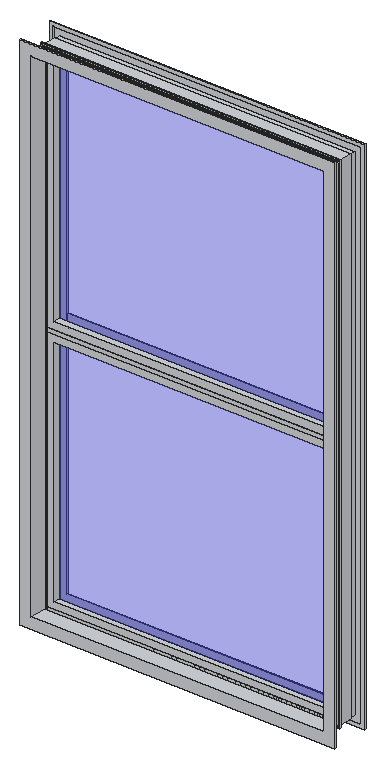
Revit family "1550_Fixed Single Horizontal Rail", category Windows, host Wall, Revit 2023
Family settings
  Host = Wall
  OmniClass Number = 23.30.20.00
  OmniClass Title = Windows
  Always vertical = Yes
  Cut with Voids When Loaded = No
  Shared = No
  Room Calculation Point = No
Parameters
  Height = 5' - 0"
  Glass Material = Glass
  Frame Material = none
  Depth From Exterior = 0' - 1"
  Default Sill Height = 3' - 0"
  Wall Closure = By host
  Width = 3' - 0"
  Bottom Bay Height (Rail Placement) = 2' - 2 21/32"
Reference planes (in)
  plane 1 "Center (Front/Back)": y = 0
  plane 2: z = 0
  plane 3 "Center (Left/Right)": x = 0
  plane 4 "Left": x = -18
  plane 5 "Right": x = 18
  plane 6 "Sill": z = 36
  plane 7 "Top": z = 96
  plane 8: y = 3
  plane 9: y = 2
  plane 10: y = 0.277
  plane 11: y = -0.501
  plane 12: z = 67.06125
  plane 13: z = 64.93725
  plane 14: z = 66.24925
  plane 15: z = 65.68725
  plane 16: z = 65.99925
  plane 17: y = 1.375
  plane 18: y = -0.5
  plane 19: y = 1.375
  plane 20: y = 1.5
  plane 21: y = 1.5
  plane 22: y = 0.277
  plane 23: y = -0.501
  plane 24: y = -0.501
  plane 25: y = 0.277
  plane 26: z = 38.281
Forms (in)
  Sweep 1, solid
    path origin (0, 0, 0) x (1, 0, 0) y (0, 0, 1)
      loop
        line (18, 36) -> (18, 96) -> (-18, 96) -> (-18, 36) -> (18, 36)
    profile origin (0, 0, 36) x (0, 0, -1) y (0, -1, 0)
      loop
        line (-2.281, -1.5) -> (-1.25, -1.5) -> (-1.25, -2) -> (0, -2) -> (0, -1.826) -> (-0.376, -1.826) -> (-0.376, -1.875) -> (-1.125, -1.875) -> (-1.125, -1.24219) -> (-1.06267, -1.24219) -> (-1.06267, 0.21773) -> (-1.21109, 0.21773) -> (-1.2967, 0.32278) -> (-1.2967, 0.375) -> (-1.125, 0.375) -> (-1.125, 0.439) -> (-0.87, 0.439) -> (-0.87, 0.5905) -> (-0.932, 0.5905) -> (-0.932, 0.501) -> (-1.125, 0.501) -> (-1.125, 1.876) -> (-0.932, 1.876) -> (-0.932, 1.78589) -> (-0.87, 1.78589) -> (-0.87, 2.22261) -> (-1.125, 2.22261) -> (-1.125, 2.353) -> (-0.376, 2.353) -> (-0.376, 2.304) -> (0, 2.304) -> (0, 2.478) -> (-1.25, 2.478) -> (-1.25, 0.501) -> (-1.5, 0.501) -> (-1.5, -1.375) -> (-2.281, -1.375) -> (-2.281, -1.5)
  Sweep 2, solid, material "Glass" <- "Glass Material"
    path origin (0, 0, 0) x (0, 1, 0) y (0, 0, 1)
      loop
        line (1.375, 37.5) -> (1.375, 94.5)
    profile origin (0, 1.375, 66) x (0, -1, 0) y (1, 0, 0)
      loop
        line (0, -16.5) -> (0.25, -16.5) -> (0.25, 16.5) -> (0, 16.5) -> (0, -16.5)
      loop
        line (0.75, -16.5) -> (1, -16.5) -> (1, 16.5) -> (0.75, 16.5) -> (0.75, -16.5)
  Sweep 3, solid
    path origin (0, 0, -0.02207) x (1, 0, 0) y (0, 0, 1)
      loop
        line (15.719, 64.95932) -> (-15.719, 64.95932)
    profile origin (0, 0, 64.93725) x (0, 0, -1) y (0, -1, 0)
      loop
        line (-2.124, -1.5) -> (0, -1.5) -> (0, -1.375) -> (-2.124, -1.375) -> (-2.124, -1.5)
  Sweep 4, solid
    path origin (0, 0, 0) x (1, 0, 0) y (0, 0, 1)
      loop
        line (-16.5, 69.94943) -> (16.5, 69.94943)
    profile origin (0, 0, 69.94943) x (0, 0, 1) y (0, -1, 0)
      loop
        line (-3.70018, -1.375) -> (-3.70018, 0.5) -> (-4.26218, 0.5) -> (-4.26218, -1.375) -> (-3.70018, -1.375)
  Sweep 5, solid
    path origin (0, 0, 0) x (1, 0, 0) y (0, 0, 1)
      loop
        line (-16.5, 37.5) -> (16.5, 37.5) -> (16.5, 65.68725) -> (-16.5, 65.68725) -> (-16.5, 37.5)
    profile origin (0, 0, 37.5) x (0, 0, 1) y (0, -1, 0)
      loop
        line (0.78093, 0.501) -> (0, 0.501) -> (0, -0.124) -> (0.35843, -0.124) -> (0.35843, -0.277) -> (0.78093, -0.277) -> (0.78093, 0.501)
  Sweep 6, solid
    path origin (0, 0, 0) x (1, 0, 0) y (0, 0, 1)
      loop
        line (-16.5, 66.24925) -> (16.5, 66.24925) -> (16.5, 94.5) -> (-16.5, 94.5) -> (-16.5, 66.24925)
    profile origin (0, 0, 66.24925) x (0, 0, 1) y (0, -1, 0)
      loop
        line (0.78093, 0.501) -> (0, 0.501) -> (0, -0.124) -> (0.35843, -0.124) -> (0.35843, -0.277) -> (0.78093, -0.277) -> (0.78093, 0.501)
Lines and regions (in)
  Opening 1
    outline origin (-60, -3, 0) x (1, 0, 0) y (0, 0, 1)
      loop
        line (42, 96) -> (42, 36) -> (78, 36) -> (78, 96) -> (42, 96)
Text (in)
  text "EXTERIOR" at (-58.6888, 50.90694, 0), in view "Ref. Level"
  text "INTERIOR" at (-58.6888, -37.76638, 0), in view "Ref. Level"
  text "Exterior" at (0, 43.65631, 123.19604), in view "Left"
  text "Exterior" at (0, 18.29385, 125.04747), in view "Right"
Dimensions and locks (in)
  equal spacing: plane 4 "Left", plane 3 "Center (Left/Right)", plane 5 "Right"
  "Height": plane 6 "Sill" to plane 7 "Top"
  "Default Sill Height": plane 2 to plane 6 "Sill"
  "Width": plane 4 "Left" to plane 5 "Right"
  "Depth From Exterior": plane 8 to plane 9
  locked: plane 10 to plane 11 at 0.778
  locked: plane 9 to plane 11 at 2.501
  locked: plane 14 to plane 15 at 0.562
  locked: plane 12 to plane 13 at 2.124
  equal spacing: plane 12, plane 16, plane 13
  locked: plane 15 to plane 13 at 0.75
  locked: plane 20 to plane 19 at 0.125
  locked: plane 17 to plane 18 at 1.875
  locked: plane 9 to plane 21 at 0.5
  locked: plane 22 to plane 23 at 0.778
  locked: plane 25 to plane 24 at 0.778
  "Bottom Bay Height (Rail Placement)": plane 26 to plane 13
  locked: plane 6 "Sill" to plane 26 at 2.281
  aligned and locked: plane 7 "Top" to Opening 1 sketch curve
  aligned and locked: plane 6 "Sill" to Opening 1 sketch curve  (x2)
  aligned and locked: plane 5 "Right" to Opening 1 sketch curve
  aligned and locked: plane 4 "Left" to Opening 1 sketch curve
  aligned and locked: level to plane 2
  aligned and locked: plane 6 "Sill" to Sweep 1 sketch curve
  aligned and locked: plane 4 "Left" to Sweep 1 sketch curve
  aligned and locked: Sweep 1 sketch curve to plane 7 "Top"
  aligned and locked: Sweep 1 sketch curve to plane 5 "Right"
  aligned and locked: Sweep 2 sketch curve to Sweep 1  (x5)
  aligned and locked: plane 8 to host wall
  aligned and locked: plane 9 to Sweep 1
  aligned and locked: plane 11 to Sweep 1
  aligned and locked: Sweep 1 to Sweep 3 sketch curve  (x2)
  aligned and locked: Sweep 1 to Sweep 4 sketch curve  (x2)
  aligned and locked: plane 12 to Sweep 3
  aligned and locked: plane 13 to Sweep 3
  aligned and locked: plane 14 to Sweep 4
  aligned and locked: plane 15 to Sweep 4
  aligned and locked: plane 18 to Sweep 4
  aligned and locked: plane 17 to Sweep 4
  aligned and locked: plane 19 to Sweep 3
  aligned and locked: plane 20 to Sweep 3
  aligned and locked: plane 19 to plane 17
  aligned and locked: plane 21 to Sweep 1
  aligned and locked: plane 20 to plane 21
  aligned and locked: Sweep 5 sketch curve to Sweep 4
  aligned and locked: Sweep 5 sketch curve to Sweep 1  (x3)
  aligned and locked: plane 22 to Sweep 5
  aligned and locked: plane 23 to Sweep 5
  aligned and locked: plane 10 to plane 22
  aligned and locked: Sweep 6 sketch curve to Sweep 1  (x3)
  aligned and locked: Sweep 6 sketch curve to Sweep 4
  aligned and locked: plane 25 to Sweep 6
  aligned and locked: plane 24 to Sweep 6
  aligned and locked: plane 22 to plane 25
  aligned and locked: plane 26 to Sweep 1
Automatic sketch dimensions
  profile plane to Sweep 1 sketch curve = 0' - 1 1/2"
  Sweep 1 sketch curve to Sweep 1 sketch curve = 0' - 0.2033"
  Sweep 1 sketch curve to Sweep 1 sketch curve = 0' - 0.0467"
  Sweep 1 sketch curve to Sweep 1 sketch curve = 0' - 0 1/4"
  Sweep 1 sketch curve to Sweep 1 sketch curve = 0' - 0.08561"
  Sweep 1 sketch curve to Sweep 1 sketch curve = 0' - 0 1/8"  (x4)
  Sweep 1 sketch curve to Sweep 1 sketch curve = 0' - 0.1717"
  Sweep 1 sketch curve to Sweep 1 sketch curve = 0' - 0"
  Sweep 1 sketch curve to Sweep 1 sketch curve = 0' - 0.14842"
  Sweep 1 sketch curve to Sweep 1 sketch curve = 0' - 0.193"  (x2)
  Sweep 1 sketch curve to Sweep 1 sketch curve = 0' - 0.255"
  Sweep 1 sketch curve to Sweep 1 sketch curve = 0' - 0.062"  (x2)
  Sweep 1 sketch curve to Sweep 1 sketch curve = 0' - 0.749"
  Sweep 1 sketch curve to Sweep 1 sketch curve = 0' - 0.494"
  Sweep 1 sketch curve to Sweep 1 sketch curve = 0' - 0.376"  (x2)
  Sweep 1 sketch curve to plane 1 "Center (Front/Back)" = 0' - 2"
  Sweep 1 sketch curve to Sweep 1 sketch curve = 0' - 0.049"  (x2)
  Sweep 1 sketch curve to Sweep 1 sketch curve = 0' - 0 3/8"
  Sweep 1 sketch curve to Sweep 1 sketch curve = 0' - 0 33/128"
  Sweep 1 sketch curve to Sweep 1 sketch curve = 0' - 1.45993"
  Sweep 1 sketch curve to Sweep 1 sketch curve = 0' - 0.10505"
  Sweep 1 sketch curve to Sweep 1 sketch curve = 0' - 0.15727"
  Sweep 1 sketch curve to Sweep 1 sketch curve = 0' - 0.064"
  Sweep 1 sketch curve to Sweep 1 sketch curve = 0' - 0.126"
  Sweep 1 sketch curve to Sweep 1 sketch curve = 0' - 0.0895"
  Sweep 1 sketch curve to Sweep 1 sketch curve = 0' - 1.19539"
  Sweep 1 sketch curve to Sweep 1 sketch curve = 0' - 0.09011"
  Sweep 1 sketch curve to Sweep 1 sketch curve = 0' - 0.34661"
  Sweep 1 sketch curve to Sweep 1 sketch curve = 0' - 0.08139"
  Sweep 1 sketch curve to Sweep 1 sketch curve = 0' - 0.174"
  Sweep 1 sketch curve to Sweep 1 sketch curve = 0' - 0.781"
  Sweep 2 sketch curve to plane 6 "Sill" = 0' - 1 1/2"
  plane 7 "Top" to Sweep 2 sketch curve = 0' - 1 1/2"
  profile plane to Sweep 2 sketch curve = 0' - 0"
  Sweep 2 sketch curve to Sweep 2 sketch curve = 0' - 0 1/4"  (x2)
  Sweep 2 sketch curve to Sweep 2 sketch curve = 0' - 0 3/4"
  plane 7 "Top" to Sweep 3 sketch curve = 2' - 7.06275"
  profile plane to Sweep 3 sketch curve = 0' - 2.124"
  Sweep 3 sketch curve to Sweep 3 sketch curve = 0' - 2.124"
  Sweep 3 sketch curve to plane 1 "Center (Front/Back)" = 0' - 1 3/8"
  Sweep 3 sketch curve to Sweep 3 sketch curve = 0' - 0 1/8"
  plane 7 "Top" to Sweep 4 sketch curve = 2' - 2.05057"
  profile plane to Sweep 4 sketch curve = 0' - 4.26218"
  Sweep 4 sketch curve to Sweep 4 sketch curve = 0' - 0.562"
  plane 1 "Center (Front/Back)" to Sweep 4 sketch curve = 0' - 0 1/2"
  Sweep 4 sketch curve to Sweep 4 sketch curve = 0' - 1 7/8"
  Sweep 5 sketch curve to profile plane = 0' - 0"
  Sweep 5 sketch curve to Sweep 5 sketch curve = 0' - 0.35843"
  Sweep 5 sketch curve to Sweep 5 sketch curve = 0' - 0.4225"
  Sweep 5 sketch curve to plane 1 "Center (Front/Back)" = 0' - 0.277"
  Sweep 5 sketch curve to Sweep 5 sketch curve = 0' - 0.153"
  Sweep 5 sketch curve to Sweep 5 sketch curve = 0' - 0 5/8"
  profile plane to Sweep 6 sketch curve = 0' - 0"
  Sweep 6 sketch curve to Sweep 6 sketch curve = 0' - 0.35843"
  Sweep 6 sketch curve to Sweep 6 sketch curve = 0' - 0.4225"
  Sweep 6 sketch curve to plane 1 "Center (Front/Back)" = 0' - 0.277"
  Sweep 6 sketch curve to Sweep 6 sketch curve = 0' - 0.153"
  Sweep 6 sketch curve to Sweep 6 sketch curve = 0' - 0 5/8"
